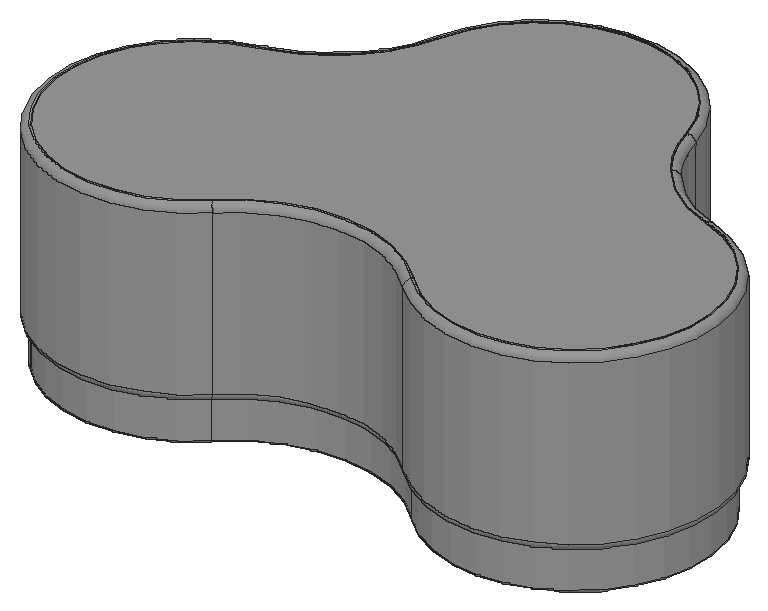
Revit family "1200S Cloud", category Generic Models, Revit 2018
Family settings
  Can host rebar = No
  Round Connector Dimension = Use Diameter
  Part Type = Normal
  Work Plane-Based = No
  Always vertical = Yes
  Cut with Voids When Loaded = No
  Shared = No
  Room Calculation Point = No
Parameters
  Fabric = 1200S Cloud Fabric
Reference planes (in)
  plane 1 "Center (Front/Back)": y = 0
  plane 2: z = 0
  plane 3 "Center (Left/Right)": x = 0
Forms (in)
  Extrusion 1, solid, material "1200S Cloud Fabric" <- "Fabric"
    sketch origin (0, 0, 0) x (1, 0, 0) y (0, 1, 0)
      loop
        arc (-9.00283, 9.40643) -> (-10.34161, 6.39949) -> (-12.54406, 3.95342) r 10.52041
        arc (-12.54406, 3.95342) -> (-14.3886, 2.75556) -> (-16.44189, 1.96738) r 10.52042
        arc (-16.44189, 1.96738) -> (-22.1013, -11.69566) -> (-7.43906, -13.62598) r 9.32041
        arc (-7.43906, -13.62598) -> (0, -10.54462) -> (7.43906, -13.62598) r 10.52042
        arc (7.43906, -13.62598) -> (22.1013, -11.69566) -> (16.44188, 1.96738) r 9.32041
        arc (16.44188, 1.96738) -> (13.43494, 3.30615) -> (10.98887, 5.5086) r 10.52042
        arc (10.98887, 5.5086) -> (9.79101, 7.35315) -> (9.00283, 9.40643) r 10.52042
        arc (9.00283, 9.40643) -> (0, 16.31455) -> (-9.00283, 9.40643) r 9.32041
    from 3.4 to 16.40001
  Sweep 2, solid, material "1200S Cloud Fabric" <- "Fabric"
    path origin (0, 0, 0) x (1, 0, 0) y (0, 1, 0)
      loop
        arc (9.00283, 9.40643) -> (0, 16.31455) -> (-9.00283, 9.40643) r 9.32041
        arc (-9.00283, 9.40643) -> (-10.34161, 6.39949) -> (-12.54406, 3.95342) r 10.52041
        arc (-12.54406, 3.95342) -> (-14.3886, 2.75556) -> (-16.44189, 1.96738) r 10.52042
        arc (-16.44189, 1.96738) -> (-22.1013, -11.69566) -> (-7.43906, -13.62598) r 9.32041
        arc (-7.43906, -13.62598) -> (0, -10.54462) -> (7.43906, -13.62598) r 10.52042
        arc (7.43906, -13.62598) -> (22.1013, -11.69566) -> (16.44188, 1.96738) r 9.32041
        arc (16.44188, 1.96738) -> (13.43494, 3.30615) -> (10.98887, 5.5086) r 10.52042
        arc (10.98887, 5.5086) -> (9.79101, 7.35315) -> (9.00283, 9.40643) r 10.52042
    profile origin (0, 16.31455, 0) x (0, -1, 0) y (0, 0, 1)
      loop
        arc (-0.61654, 3.91654) -> (-0.46525, 3.55129) -> (-0.1, 3.4) r 0.51654
        line (-0.1, 3.4) -> (0, 3.4) -> (0, 16.40001) -> (-0.1, 16.40001)
        arc (-0.1, 16.40001) -> (-0.46525, 16.24872) -> (-0.61654, 15.88347) r 0.51654
        line (-0.61654, 15.88347) -> (-0.61654, 3.91654)
  Extrusion 3, solid, material "1200S Cloud Base"
    sketch origin (0, 0, 0) x (1, 0, 0) y (0, 1, 0)
      loop
        arc (-16.44189, 1.96738) -> (-22.1013, -11.69566) -> (-7.43906, -13.62598) r 9.32041
        arc (-7.43906, -13.62598) -> (0, -10.54462) -> (7.43906, -13.62598) r 10.52042
        arc (7.43906, -13.62598) -> (22.1013, -11.69566) -> (16.44188, 1.96738) r 9.32041
        arc (16.44188, 1.96738) -> (13.43494, 3.30615) -> (10.98887, 5.5086) r 10.52042
        arc (10.98887, 5.5086) -> (9.79101, 7.35315) -> (9.00283, 9.40643) r 10.52042
        arc (9.00283, 9.40643) -> (0, 16.31455) -> (-9.00283, 9.40643) r 9.32041
        arc (-9.00283, 9.40643) -> (-10.34161, 6.39949) -> (-12.54406, 3.95342) r 10.52041
        arc (-12.54406, 3.95342) -> (-14.3886, 2.75556) -> (-16.44189, 1.96738) r 10.52042
    from 0.5 to 3.4
  Sweep 4, solid, material "1200S Cloud Base"
    path origin (0, 0, 0) x (1, 0, 0) y (0, 1, 0)
      loop
        arc (9.00283, 9.40643) -> (0, 16.31455) -> (-9.00283, 9.40643) r 9.32041
        arc (-9.00283, 9.40643) -> (-10.34161, 6.39949) -> (-12.54406, 3.95342) r 10.52041
        arc (-12.54406, 3.95342) -> (-14.3886, 2.75556) -> (-16.44189, 1.96738) r 10.52042
        arc (-16.44189, 1.96738) -> (-22.1013, -11.69566) -> (-7.43906, -13.62598) r 9.32041
        arc (-7.43906, -13.62598) -> (0, -10.54462) -> (7.43906, -13.62598) r 10.52042
        arc (7.43906, -13.62598) -> (22.1013, -11.69566) -> (16.44188, 1.96738) r 9.32041
        arc (16.44188, 1.96738) -> (13.43494, 3.30615) -> (10.98887, 5.5086) r 10.52042
        arc (10.98887, 5.5086) -> (9.79101, 7.35315) -> (9.00283, 9.40643) r 10.52042
    profile origin (0, 16.31455, 0) x (0, -1, 0) y (0, 0, 1)
      loop
        line (0, 3.4) -> (-0.1, 3.4) -> (-0.1, 0.6)
        arc (-0.1, 0.6) -> (-0.07071, 0.52929) -> (0, 0.5) r 0.1
        line (0, 0.5) -> (0, 3.4)
  Revolve 5, solid, material "1200S Cloud Glides"
    sketch origin (0, -0.9304, 0) x (1, 0, 0) y (0, 0, 1)
      loop
        line (15.66543, 0.5) -> (15.66543, 0)
        arc (15.66543, 0) -> (16.01898, 0.14645) -> (16.16543, 0.5) r 0.5
        line (16.16543, 0.5) -> (15.66543, 0.5)
      axis (15.66543, 0) -> (15.66543, 0.5)
    angle from 0 to 360
  Revolve 6, solid, material "1200S Cloud Glides"
    sketch origin (-9.56038, 8.62997, 0) x (1, 0, 0) y (0, 0, 1)
      loop
        line (15.66543, 0.5) -> (15.66543, 0)
        arc (15.66543, 0) -> (16.01898, 0.14645) -> (16.16543, 0.5) r 0.5
        line (16.16543, 0.5) -> (15.66543, 0.5)
      axis (15.66543, 0) -> (15.66543, 0.5)
    angle from 0 to 360
  Revolve 7, solid, material "1200S Cloud Glides"
    sketch origin (-21.77048, 8.62997, 0) x (1, 0, 0) y (0, 0, 1)
      loop
        line (15.66543, 0.5) -> (15.66543, 0)
        arc (15.66543, 0) -> (16.01898, 0.14645) -> (16.16543, 0.5) r 0.5
        line (16.16543, 0.5) -> (15.66543, 0.5)
      axis (15.66543, 0) -> (15.66543, 0.5)
    angle from 0 to 360
  Revolve 8, solid, material "1200S Cloud Glides"
    sketch origin (-31.33086, -0.9304, 0) x (1, 0, 0) y (0, 0, 1)
      loop
        line (15.66543, 0.5) -> (15.66543, 0)
        arc (15.66543, 0) -> (16.01898, 0.14645) -> (16.16543, 0.5) r 0.5
        line (16.16543, 0.5) -> (15.66543, 0.5)
      axis (15.66543, 0) -> (15.66543, 0.5)
    angle from 0 to 360
  Revolve 9, solid, material "1200S Cloud Glides"
    sketch origin (-25.2258, -11.50466, 0) x (1, 0, 0) y (0, 0, 1)
      loop
        line (15.66543, 0.5) -> (15.66543, 0)
        arc (15.66543, 0) -> (16.01898, 0.14645) -> (16.16543, 0.5) r 0.5
        line (16.16543, 0.5) -> (15.66543, 0.5)
      axis (15.66543, 0) -> (15.66543, 0.5)
    angle from 0 to 360
  Revolve 10, solid, material "1200S Cloud Glides"
    sketch origin (-6.10506, -11.50466, 0) x (1, 0, 0) y (0, 0, 1)
      loop
        line (15.66543, 0.5) -> (15.66543, 0)
        arc (15.66543, 0) -> (16.01898, 0.14645) -> (16.16543, 0.5) r 0.5
        line (16.16543, 0.5) -> (15.66543, 0.5)
      axis (15.66543, 0) -> (15.66543, 0.5)
    angle from 0 to 360
Dimensions and locks (in)
  aligned and locked: plane 2 to level
